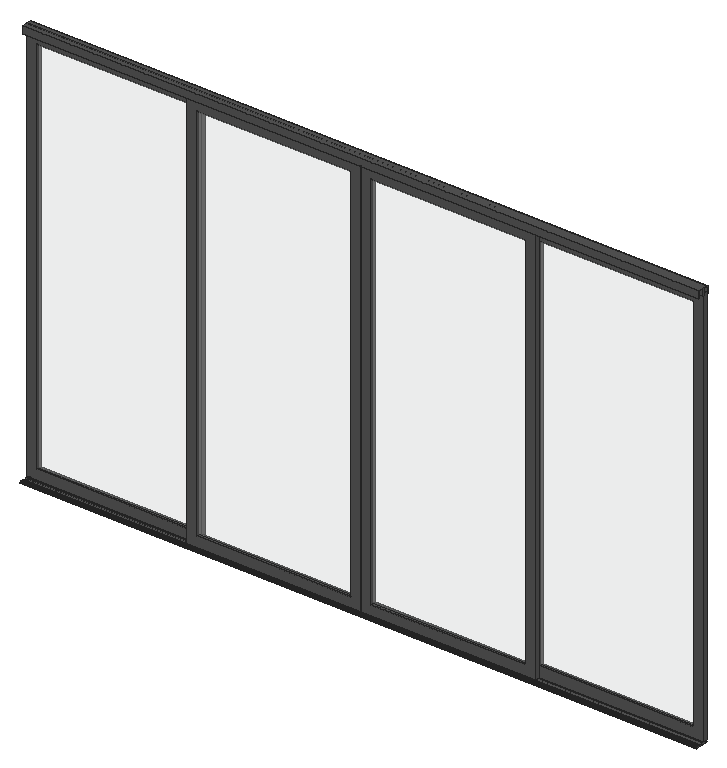
Revit family "Door_FTS RD_The Sliding Door Company_4-Panel Double Track (ABBA-Recessed Upper)", category Doors, host Wall, Revit 2019 (continued)
Automatic sketch dimensions
  Extrusion 40 sketch curve to plane 7 = 3"
  plane 8 to Extrusion 40 sketch curve = 3"
  plane 9 "2" to Extrusion 40 sketch curve = 3"
  Extrusion 41 sketch curve to Extrusion 41 sketch curve = 0"  (x10)
  Extrusion 41 sketch curve to level = 0"  (x2)
  Extrusion 41 sketch curve to Extrusion 41 sketch curve = 0.01985"  (x3)
  Extrusion 41 sketch curve to Extrusion 41 sketch curve = 0.01286"
  Extrusion 41 sketch curve to Extrusion 41 sketch curve = 0.0312"
  Extrusion 41 sketch curve to Extrusion 41 sketch curve = 0.05716"  (x4)
  Extrusion 41 sketch curve to Extrusion 41 sketch curve = 0.05956"  (x4)
  Extrusion 41 sketch curve to Extrusion 41 sketch curve = 0.04963"  (x4)
  level to Extrusion 41 sketch curve = 0.05956"  (x2)
  Extrusion 41 sketch curve to Extrusion 41 sketch curve = 0.13202"
  Extrusion 41 sketch curve to Extrusion 41 sketch curve = 0.07246"  (x2)
  Extrusion 41 sketch curve to Extrusion 41 sketch curve = 0.03107"  (x6)
  level to Extrusion 41 sketch curve = 0.05951"  (x2)
  Extrusion 41 sketch curve to Extrusion 41 sketch curve = 0.7804"
  level to Extrusion 41 sketch curve = 0.28786"
  Extrusion 41 sketch curve to Extrusion 41 sketch curve = 0.37719"
  level to Extrusion 41 sketch curve = 0.14951"
  Extrusion 41 sketch curve to Extrusion 41 sketch curve = 0.01299"
  Extrusion 41 sketch curve to Extrusion 41 sketch curve = 0.03284"  (x2)
  Extrusion 41 sketch curve to Extrusion 41 sketch curve = 0.00005"  (x4)
  Extrusion 41 sketch curve to Extrusion 41 sketch curve = 0.03182"  (x2)
  Extrusion 41 sketch curve to Extrusion 41 sketch curve = 0.0501"  (x2)
  Extrusion 41 sketch curve to Extrusion 41 sketch curve = 0.03986"
  Extrusion 41 sketch curve to Extrusion 41 sketch curve = 0.05547"
  Extrusion 41 sketch curve to Extrusion 41 sketch curve = 0.09532"
  Extrusion 41 sketch curve to Extrusion 41 sketch curve = 0.06662"
  Extrusion 41 sketch curve to Extrusion 41 sketch curve = 0.18027"
  Extrusion 41 sketch curve to Extrusion 41 sketch curve = 0.08276"
  Extrusion 41 sketch curve to Extrusion 41 sketch curve = 0.00012"  (x2)
  Extrusion 41 sketch curve to Extrusion 41 sketch curve = 0.03266"  (x2)
  Extrusion 41 sketch curve to Extrusion 41 sketch curve = 0.09928"
  Extrusion 41 sketch curve to Extrusion 41 sketch curve = 0.03873"
  Extrusion 41 sketch curve to Extrusion 41 sketch curve = 0.03876"  (x2)
  Extrusion 41 sketch curve to Extrusion 41 sketch curve = 0.03877"
  Extrusion 41 sketch curve to Extrusion 41 sketch curve = 0.00007"
  Extrusion 41 sketch curve to Extrusion 41 sketch curve = 0.05866"
  Extrusion 41 sketch curve to Extrusion 41 sketch curve = 0.00004"
  Extrusion 42 sketch curve to level = 0"
  level to Extrusion 42 sketch curve = 0.05951"
  host wall to Extrusion 42 sketch curve = 1.82821"
  Extrusion 42 sketch curve to Extrusion 42 sketch curve = 0.03107"  (x2)
  Extrusion 42 sketch curve to Extrusion 42 sketch curve = 0.03284"  (x2)
  Extrusion 42 sketch curve to Extrusion 42 sketch curve = 0.0267"
  Extrusion 42 sketch curve to plane 8 = 0.25516"
  Extrusion 42 sketch curve to Extrusion 42 sketch curve = 0.01493"
  Extrusion 42 sketch curve to Extrusion 42 sketch curve = 0.03127"
  Extrusion 42 sketch curve to Extrusion 42 sketch curve = 0.06757"
  level to Extrusion 42 sketch curve = 0.29822"
  Extrusion 42 sketch curve to Extrusion 42 sketch curve = 0.00385"  (x3)
  Extrusion 42 sketch curve to Extrusion 42 sketch curve = 0.04892"
  level to Extrusion 42 sketch curve = 0.26165"
  Extrusion 42 sketch curve to Extrusion 42 sketch curve = 0.08869"
  level to Extrusion 42 sketch curve = 0.23031"
  level to Extrusion 42 sketch curve = 0.23632"
  level to Extrusion 42 sketch curve = 0.19332"
  Extrusion 42 sketch curve to Extrusion 42 sketch curve = 0.08957"
  level to Extrusion 42 sketch curve = 0.16199"
  level to Extrusion 42 sketch curve = 0.16799"
  level to Extrusion 42 sketch curve = 0.08474"
  Extrusion 42 sketch curve to Extrusion 42 sketch curve = 0.05788"
  Extrusion 42 sketch curve to Extrusion 42 sketch curve = 0.05"
  Extrusion 42 sketch curve to Extrusion 42 sketch curve = 0.00926"
  Extrusion 42 sketch curve to Extrusion 42 sketch curve = 0.03134"
  Extrusion 42 sketch curve to Extrusion 42 sketch curve = 0.03222"
  Extrusion 42 sketch curve to Extrusion 42 sketch curve = 0.05632"
  Extrusion 42 sketch curve to Extrusion 42 sketch curve = 0.03266"
  Extrusion 42 sketch curve to Extrusion 42 sketch curve = 0.03146"
  Extrusion 42 sketch curve to Extrusion 42 sketch curve = 0.03182"
  level to Extrusion 42 sketch curve = 0.05198"
  Extrusion 43 sketch curve to level = 0"
  level to Extrusion 43 sketch curve = 0.05951"
  Extrusion 43 sketch curve to host wall = 2.42099"
  Extrusion 43 sketch curve to Extrusion 43 sketch curve = 0.03107"  (x2)
  Extrusion 43 sketch curve to Extrusion 43 sketch curve = 0.03284"  (x2)
  Extrusion 43 sketch curve to Extrusion 43 sketch curve = 0.0267"
  Extrusion 43 sketch curve to plane 8 = 0.25516"
  Extrusion 43 sketch curve to Extrusion 43 sketch curve = 0.01493"
  Extrusion 43 sketch curve to Extrusion 43 sketch curve = 0.03127"
  Extrusion 43 sketch curve to Extrusion 43 sketch curve = 0.06757"
  level to Extrusion 43 sketch curve = 0.29822"
  Extrusion 43 sketch curve to Extrusion 43 sketch curve = 0.00385"  (x3)
  Extrusion 43 sketch curve to Extrusion 43 sketch curve = 0.04892"  (x3)
  Extrusion 43 sketch curve to Extrusion 43 sketch curve = 0.08869"
  level to Extrusion 43 sketch curve = 0.23031"
  Extrusion 43 sketch curve to Extrusion 43 sketch curve = 0.08957"
  level to Extrusion 43 sketch curve = 0.16199"
  level to Extrusion 43 sketch curve = 0.08474"
  Extrusion 43 sketch curve to Extrusion 43 sketch curve = 0.05788"
  Extrusion 43 sketch curve to Extrusion 43 sketch curve = 0.05"
  level to Extrusion 43 sketch curve = 0.05198"
  Extrusion 43 sketch curve to Extrusion 43 sketch curve = 0.03182"
  Extrusion 43 sketch curve to Extrusion 43 sketch curve = 0.03146"
  Extrusion 43 sketch curve to Extrusion 43 sketch curve = 0.00601"  (x3)
  Extrusion 43 sketch curve to Extrusion 43 sketch curve = 0.09824"
  Extrusion 43 sketch curve to Extrusion 43 sketch curve = 0.03266"
  Extrusion 43 sketch curve to Extrusion 43 sketch curve = 0.06331"
  Extrusion 43 sketch curve to Extrusion 43 sketch curve = 0.03109"
  Extrusion 41 sketch curve to Extrusion 41 sketch curve = 0.08823"
  Extrusion 41 sketch curve to Extrusion 41 sketch curve = 0.06838"
  Opening 1 sketch curve to plane 6 = 0"
